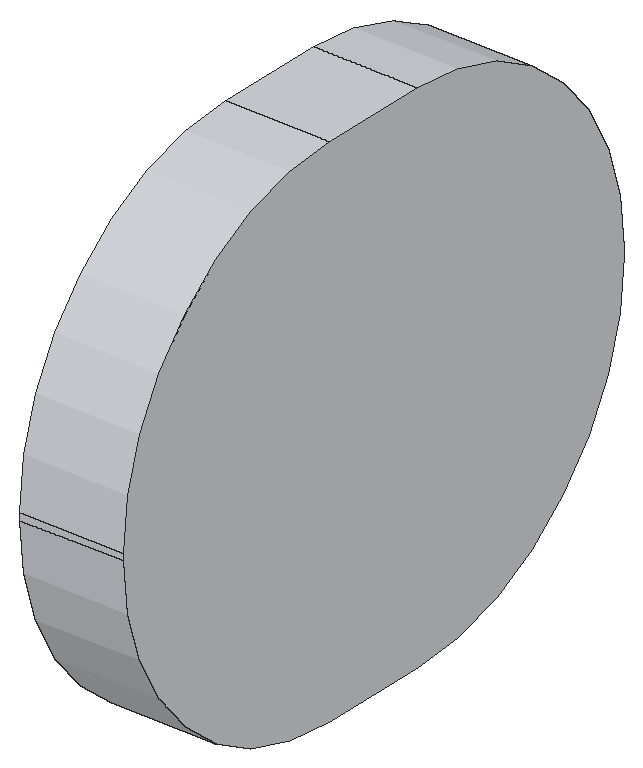
Revit family "M_Capa de extremidade oval", category Conexões de duto, Revit 2019
Family settings
  Cota do conector redondo = Utilizar diâmetro
  Tipo de parte = Cobertura
  Número OmniClass = 23.75.70.14
  Título OmniClass = Air Ductwork
  ID de item do Seek = Oval Endcap-0000-CAN-ENU
  Com base no plano de trabalho = Não
  Sempre na vertical = Sim
  Corte com vazios quando carregada = Não
  Compartilhado = Não
Parameters (values of type "Padrão")
  Largura do duto [instance] = 304.8 mm
  built-in parameter 1114242 [instance] = (empty or 0)
  Comprimento do duto = 50.8 mm
  Altura do duto [instance] = 254 mm
Reference planes
  plane 1 "Centro (Frente/Trás)": y = 0
  plane 2: z = 0
  plane 3 "Centro (Esquerda/Direita)": x = 0
  plane 4: x = 50.8
Forms (mm)
  Sweep 1, solid, detail levels medium+fine
    path in 3D
      loop
        line (0, 0, 0) -> (50.8, 0, 0)
    profile "M_Duto - Oval : Duto - Oval" origin (25.4, 0, 0) x (0, 1, 0) y (0, 0, 1)
      loop
        line (-152.4, 1.588) -> (-152.4, -1.587)
        arc (-152.4, -1.587) -> (-115.668, -90.268) -> (-26.987, -127) r 125.413
        line (-26.987, -127) -> (26.988, -127)
        arc (26.988, -127) -> (115.668, -90.268) -> (152.4, -1.588) r 125.413
        line (152.4, -1.588) -> (152.4, 1.587)
        arc (152.4, 1.587) -> (115.668, 90.268) -> (26.988, 127) r 125.413
        line (26.988, 127) -> (-26.988, 127)
        arc (-26.988, 127) -> (-115.668, 90.268) -> (-152.4, 1.588) r 125.413
Lines and regions (mm)
  reference lines
    curve 1: line (0, 0, 0) -> (50.8, 0, 0)
    curve 6: line (0, 0, 0) -> (50.8, 0, 0)
  sketch lines
    curve 2: line (0, 0, 0) -> (50.8, 0, 0)
  model lines, style "DuctFitting", detail levels coarse
    curve 3: line (0, 152.4, 0) -> (0, -152.4, 0)
    curve 4: line (0, -152.4, 0) -> (-101.6, -152.4, 0)
    curve 5: line (0, 152.4, 0) -> (-101.6, 152.4, 0)
Dimensions and locks
  "Comprimento do duto": plane 3 "Centro (Esquerda/Direita)" to plane 4
  equal spacing: curve 5, plane 1 "Centro (Frente/Trás)", curve 4
  "Largura do duto": curve 5 to curve 4
  aligned and locked: plane 1 "Centro (Frente/Trás)" to curve 1
  aligned and locked: plane 3 "Centro (Esquerda/Direita)" to curve 1
  aligned and locked: plane 3 "Centro (Esquerda/Direita)" to curve 6
  aligned and locked: plane 1 "Centro (Frente/Trás)" to curve 6
Automatic sketch dimensions
  curve 5 to plane 3 "Centro (Esquerda/Direita)" = 0 mm
  curve 5 to curve 3 = 101.6 mm
  curve 4 to curve 3 = 101.6 mm
  curve 1 to plane 4 = 0 mm
  curve 6 to plane 4 = 0 mm
Connectors
  hvac at (0, 0, 0), driven by "Altura do duto", driven by "Largura do duto"
    settings: on Sweep 1, index 1, duct flow 0.0 L/s, flow factor 0, pres drop 0.0 Pa, loss coef 0, conn angle 0.00°, conn width 304.8 mm, conn height 254 mm, conn diameter 609.6 mm, duct sys type 28, conn prof type 2, flow config 0, flow direction 0, loss method 0, conn ref index -1, conn util no, is conn primary yes, conn desc ""
